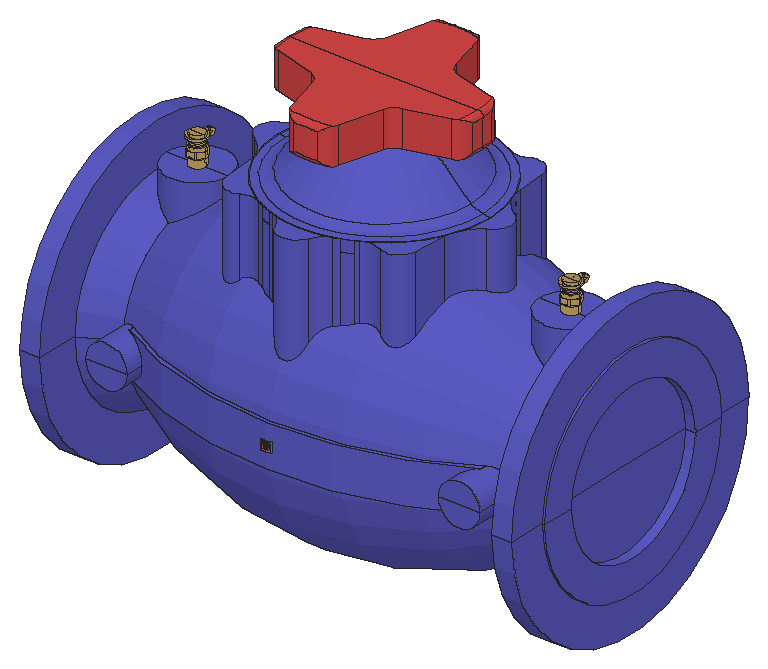
Revit family "Strangregulierventil für Differenzdruckmessung, Geradsitzform 4218 GMF", category Rohrzubehör, Revit 2019 (continued)
Definition of nested family "Messstutzen_Band_Austritt_senkrecht_(oben 25)"
  Forms (mm)
    Extrusion 4, solid, detail levels fine
      sketch origin (12.045, 0, 25.83) x (0, 1, 0) y (0.906308, 0, -0.422618)
        loop
          arc (5.505, -3.906) -> (7.288, -2.358) -> (9.582, -1.8) r 5
          line (9.582, -1.8) -> (9.582, 1.8)
          arc (9.582, 1.8) -> (7.288, 2.358) -> (5.505, 3.906) r 5
          arc (5.505, 3.906) -> (-6.75, 0) -> (5.505, -3.906) r 6.75
      from 0 to -1.5
    Extrusion 5, solid, detail levels fine
      sketch origin (14.022, 0, 30.07) x (0, 1, 0) y (0.906308, 0, -0.422618)
        loop
          circle (0, 0) r 6.1
        loop
          arc (8.652, -4.495) -> (10.493, -2.527) -> (13.089, -1.8) r 5
          line (13.089, -1.8) -> (13.089, 1.8)
          arc (13.089, 1.8) -> (10.493, 2.527) -> (8.652, 4.495) r 5
          arc (8.652, 4.495) -> (-9.75, 0) -> (8.652, -4.495) r 9.75
      from 0 to -1.5
    Sweep 6, solid, detail levels fine
      path origin (0.876, 0.242, 1.118) x (-0.422618, 0, -0.906308) y (0, 1, 0)
        loop
          line (-27.75, 9.582) -> (-27.75, 14.522)
          arc (-27.75, 14.522) -> (-30.089, 16.862) -> (-32.428, 14.522) r 2.339
          line (-32.428, 14.522) -> (-32.428, 13.089)
      profile origin (12.603, 12.294, 26.268) x (0.422618, 0, 0.906308) y (0.906308, 0, -0.422618)
        loop
          line (-0.75, -1.8) -> (0.75, -1.8) -> (0.75, 1.8) -> (-0.75, 1.8) -> (-0.75, -1.8)
  Dimensions and locks
    aligned and locked: level to plane 2
Definition of nested family "Messstutzen_Band_Austritt_senkrecht_(oben 0.8)"
  Parameters (values of type "Messstutzen_Band_Austritt_senkrecht_(oben 0.8)")
    URL = "www.herz-armaturen.at"
    Schutzkappe [instance] = yes
    Nennweite [instance] = 0.00 mm
    Manufacturer = "Herz Armaturen GmbH"  # constant formula
    Gewicht [instance] = 0.00 kg
    Bestellnummer [instance] = 0
  Reference planes
    plane 1 "Mitte (Vorne/hinten)": y = 0
    plane 2: z = 0
    plane 3 "Mitte (Links/rechts)": x = 0
  Forms (mm)
    Revolve 1, solid, detail levels fine
      sketch origin (0, 0, 0) x (0.999903, 0, -0.013962) y (0.013962, 0, 0.999903)
        loop
          line (-7.4, 9) -> (-5.55, 9) -> (-5.55, 6)
          arc (-5.55, 6) -> (-5.626, 5.617) -> (-5.843, 5.293) r 1
          line (-5.843, 5.293) -> (-6.455, 4.681) -> (-6.455, 0.9) -> (-5.555, 0) -> (-2, 0) -> (-2, 17.5) -> (-8.4, 17.5)
          arc (-8.4, 17.5) -> (-7.693, 17.207) -> (-7.4, 16.5) r 1
          line (-7.4, 16.5) -> (-7.4, 9)
        loop
          line (-3.7, 27) -> (-7.3, 27) -> (-7.9, 26.4) -> (-7.9, 23) -> (-2, 23) -> (-2, 35.8) -> (-3.805, 35.8) -> (-4.415, 35.19) -> (-4.415, 30.863) -> (-3.7, 30.45) -> (-3.7, 27)
        axis (0, 0) -> (0, 35.8)
      angle from 0 to 360
    Extrusion 2, solid, detail levels fine
      sketch origin (0.244, 0, 17.498) x (0, 1, 0) y (-0.999903, 0, 0.013962)
        loop
          arc (-7.07, 5.156) -> (-7.578, 4.375) -> (-8, 3.544) r 8.75
          line (-8, 3.544) -> (-8, -3.544)
          arc (-8, -3.544) -> (-7.578, -4.375) -> (-7.07, -5.156) r 8.75
          line (-7.07, -5.156) -> (-0.93, -8.7)
          arc (-0.93, -8.7) -> (0, -8.75) -> (0.93, -8.7) r 8.75
          line (0.93, -8.7) -> (7.07, -5.156)
          arc (7.07, -5.156) -> (7.578, -4.375) -> (8, -3.544) r 8.75
          line (8, -3.544) -> (8, 3.544)
          arc (8, 3.544) -> (7.578, 4.375) -> (7.07, 5.156) r 8.75
          line (7.07, 5.156) -> (0.93, 8.7)
          arc (0.93, 8.7) -> (0, 8.75) -> (-0.93, 8.7) r 8.75
          line (-0.93, 8.7) -> (-7.07, 5.156)
      from 0 to 5.5
    Revolve 3, solid, visible <- "Schutzkappe", detail levels fine
      sketch origin (0, 0, 0) x (0.999903, 0, -0.013962) y (0.013962, 0, 0.999903)
        loop
          line (0, 35.878) -> (0, 36.678) -> (-7, 36.678) -> (-7, 33.378) -> (-6.1, 33.378) -> (-6.1, 31.678) -> (-6.9, 31.678) -> (-6.9, 30.178) -> (-4.415, 30.178) -> (-4.415, 35.268) -> (-3.805, 35.878) -> (0, 35.878)
        axis (0, 30.178) -> (0, 36.678)
      angle from 0 to 360
    Extrusion 4, solid, detail levels fine
      sketch origin (0.398, 0, 28.497) x (0, 1, 0) y (0.999903, 0, -0.013962)
        loop
          circle (0, 0) r 3.7
        loop
          arc (5.505, -3.906) -> (7.288, -2.358) -> (9.582, -1.8) r 5
          line (9.582, -1.8) -> (9.582, 1.8)
          arc (9.582, 1.8) -> (7.288, 2.358) -> (5.505, 3.906) r 5
          arc (5.505, 3.906) -> (-6.75, 0) -> (5.505, -3.906) r 6.75
      from 0 to -1.5
    Extrusion 5, solid, detail levels fine
      sketch origin (0.463, 0, 33.175) x (0, 1, 0) y (0.999903, 0, -0.013962)
        loop
          circle (0, 0) r 6.1
        loop
          arc (8.652, -4.495) -> (10.493, -2.527) -> (13.089, -1.8) r 5
          line (13.089, -1.8) -> (13.089, 1.8)
          arc (13.089, 1.8) -> (10.493, 2.527) -> (8.652, 4.495) r 5
          arc (8.652, 4.495) -> (-9.75, 0) -> (8.652, -4.495) r 9.75
      from 0 to -1.5
    Sweep 6, solid, detail levels fine
      path origin (0.514, 0.493, 1.007) x (-0.013962, 0, -0.999903) y (0, 1, 0)
        loop
          line (-27.75, 9.582) -> (-27.75, 14.522)
          arc (-27.75, 14.522) -> (-30.089, 16.862) -> (-32.428, 14.522) r 2.339
          line (-32.428, 14.522) -> (-32.428, 13.089)
      profile origin (0.901, 12.545, 28.754) x (0.013962, 0, 0.999903) y (0.999903, 0, -0.013962)
        loop
          line (-0.75, -1.8) -> (0.75, -1.8) -> (0.75, 1.8) -> (-0.75, 1.8) -> (-0.75, -1.8)
  Dimensions and locks
    aligned and locked: level to plane 2
Definition of nested family "Messstutzen_Band_Eintritt_senkrecht_(oben 10)"
  Parameters (values of type "Messstutzen_Band_Eintritt_senkrecht_(oben 10)")
    URL = "www.herz-armaturen.at"
    Schutzkappe [instance] = yes
    Nennweite [instance] = 0.00 mm
    Manufacturer = "Herz Armaturen GmbH"  # constant formula
    Gewicht [instance] = 0.00 kg
    Bestellnummer [instance] = 0
  Reference planes
    plane 1 "Mitte (Vorne/hinten)": y = 0
    plane 2: z = 0
    plane 3 "Mitte (Links/rechts)": x = 0
  Forms (mm)
    Revolve 1, solid, detail levels fine
      sketch origin (0, 0, 0) x (0.984808, 0, 0.173648) y (-0.173648, 0, 0.984808)
        loop
          line (-7.4, 9) -> (-5.55, 9) -> (-5.55, 6)
          arc (-5.55, 6) -> (-5.626, 5.617) -> (-5.843, 5.293) r 1
          line (-5.843, 5.293) -> (-6.455, 4.681) -> (-6.455, 0.9) -> (-5.555, 0) -> (-2, 0) -> (-2, 17.5) -> (-8.4, 17.5)
          arc (-8.4, 17.5) -> (-7.693, 17.207) -> (-7.4, 16.5) r 1
          line (-7.4, 16.5) -> (-7.4, 9)
        loop
          line (-3.7, 27) -> (-7.3, 27) -> (-7.9, 26.4) -> (-7.9, 23) -> (-2, 23) -> (-2, 35.8) -> (-3.805, 35.8) -> (-4.415, 35.19) -> (-4.415, 30.863) -> (-3.7, 30.45) -> (-3.7, 27)
        axis (0, 0) -> (0, 35.8)
      angle from 0 to 360
    Extrusion 2, solid, detail levels fine
      sketch origin (-3.039, 0, 17.234) x (0, 1, 0) y (-0.984808, 0, -0.173648)
        loop
          arc (-7.07, 5.156) -> (-7.578, 4.375) -> (-8, 3.544) r 8.75
          line (-8, 3.544) -> (-8, -3.544)
          arc (-8, -3.544) -> (-7.578, -4.375) -> (-7.07, -5.156) r 8.75
          line (-7.07, -5.156) -> (-0.93, -8.7)
          arc (-0.93, -8.7) -> (0, -8.75) -> (0.93, -8.7) r 8.75
          line (0.93, -8.7) -> (7.07, -5.156)
          arc (7.07, -5.156) -> (7.578, -4.375) -> (8, -3.544) r 8.75
          line (8, -3.544) -> (8, 3.544)
          arc (8, 3.544) -> (7.578, 4.375) -> (7.07, 5.156) r 8.75
          line (7.07, 5.156) -> (0.93, 8.7)
          arc (0.93, 8.7) -> (0, 8.75) -> (-0.93, 8.7) r 8.75
          line (-0.93, 8.7) -> (-7.07, 5.156)
      from 0 to 5.5
    Revolve 3, solid, visible <- "Schutzkappe", detail levels fine
      sketch origin (0, 0, 0) x (0.984808, 0, 0.173648) y (-0.173648, 0, 0.984808)
        loop
          line (0, 35.878) -> (0, 36.678) -> (-7, 36.678) -> (-7, 33.378) -> (-6.1, 33.378) -> (-6.1, 31.678) -> (-6.9, 31.678) -> (-6.9, 30.178) -> (-4.415, 30.178) -> (-4.415, 35.268) -> (-3.805, 35.878) -> (0, 35.878)
        axis (0, 30.178) -> (0, 36.678)
      angle from 0 to 360
    Extrusion 4, solid, detail levels fine
      sketch origin (-4.949, 0, 28.067) x (0, 1, 0) y (0.984808, 0, 0.173648)
        loop
          circle (0, 0) r 3.7
        loop
          arc (5.505, -3.906) -> (7.288, -2.358) -> (9.582, -1.8) r 5
          line (9.582, -1.8) -> (9.582, 1.8)
          arc (9.582, 1.8) -> (7.288, 2.358) -> (5.505, 3.906) r 5
          arc (5.505, 3.906) -> (-6.75, 0) -> (5.505, -3.906) r 6.75
      from 0 to -1.5
    Extrusion 5, solid, detail levels fine
      sketch origin (-5.761, 0, 32.674) x (0, 1, 0) y (0.984808, 0, 0.173648)
        loop
          circle (0, 0) r 6.1
        loop
          arc (8.652, -4.495) -> (10.493, -2.527) -> (13.089, -1.8) r 5
          line (13.089, -1.8) -> (13.089, 1.8)
          arc (13.089, 1.8) -> (10.493, 2.527) -> (8.652, 4.495) r 5
          arc (8.652, 4.495) -> (-9.75, 0) -> (8.652, -4.495) r 9.75
      from 0 to -1.5
    Sweep 6, solid, detail levels fine
      path origin (0.6, 0.141, 0.838) x (0.173648, 0, -0.984808) y (0, 1, 0)
        loop
          line (-27.75, 9.582) -> (-27.75, 14.522)
          arc (-27.75, 14.522) -> (-30.089, 16.862) -> (-32.428, 14.522) r 2.339
          line (-32.428, 14.522) -> (-32.428, 13.089)
      profile origin (-4.219, 12.193, 28.166) x (-0.173648, 0, 0.984808) y (0.984808, 0, 0.173648)
        loop
          line (-0.75, -1.8) -> (0.75, -1.8) -> (0.75, 1.8) -> (-0.75, 1.8) -> (-0.75, -1.8)
  Dimensions and locks
    aligned and locked: level to plane 2
Definition of nested family "Messstutzen_Band_Eintritt_senkrecht_(oben 15)"
  Parameters (values of type "Messstutzen_Band_Eintritt_senkrecht_(oben 15)")
    URL = "www.herz-armaturen.at"
    Schutzkappe [instance] = yes
    Nennweite [instance] = 0.00 mm
    Manufacturer = "Herz Armaturen GmbH"  # constant formula
    Gewicht [instance] = 0.00 kg
    Bestellnummer [instance] = 0
  Reference planes
    plane 1 "Mitte (Vorne/hinten)": y = 0
    plane 2: z = 0
    plane 3 "Mitte (Links/rechts)": x = 0
  Forms (mm)
    Revolve 1, solid, detail levels fine
      sketch origin (0, 0, 0) x (0.965926, 0, 0.258819) y (-0.258819, 0, 0.965926)
        loop
          line (-7.4, 9) -> (-5.55, 9) -> (-5.55, 6)
          arc (-5.55, 6) -> (-5.626, 5.617) -> (-5.843, 5.293) r 1
          line (-5.843, 5.293) -> (-6.455, 4.681) -> (-6.455, 0.9) -> (-5.555, 0) -> (-2, 0) -> (-2, 17.5) -> (-8.4, 17.5)
          arc (-8.4, 17.5) -> (-7.693, 17.207) -> (-7.4, 16.5) r 1
          line (-7.4, 16.5) -> (-7.4, 9)
        loop
          line (-3.7, 27) -> (-7.3, 27) -> (-7.9, 26.4) -> (-7.9, 23) -> (-2, 23) -> (-2, 35.8) -> (-3.805, 35.8) -> (-4.415, 35.19) -> (-4.415, 30.863) -> (-3.7, 30.45) -> (-3.7, 27)
        axis (0, 0) -> (0, 35.8)
      angle from 0 to 360
    Extrusion 2, solid, detail levels fine
      sketch origin (-4.529, 0, 16.904) x (0, 1, 0) y (-0.965926, 0, -0.258819)
        loop
          arc (-7.07, 5.156) -> (-7.578, 4.375) -> (-8, 3.544) r 8.75
          line (-8, 3.544) -> (-8, -3.544)
          arc (-8, -3.544) -> (-7.578, -4.375) -> (-7.07, -5.156) r 8.75
          line (-7.07, -5.156) -> (-0.93, -8.7)
          arc (-0.93, -8.7) -> (0, -8.75) -> (0.93, -8.7) r 8.75
          line (0.93, -8.7) -> (7.07, -5.156)
          arc (7.07, -5.156) -> (7.578, -4.375) -> (8, -3.544) r 8.75
          line (8, -3.544) -> (8, 3.544)
          arc (8, 3.544) -> (7.578, 4.375) -> (7.07, 5.156) r 8.75
          line (7.07, 5.156) -> (0.93, 8.7)
          arc (0.93, 8.7) -> (0, 8.75) -> (-0.93, 8.7) r 8.75
          line (-0.93, 8.7) -> (-7.07, 5.156)
      from 0 to 5.5
    Revolve 3, solid, visible <- "Schutzkappe", detail levels fine
      sketch origin (0, 0, 0) x (0.965926, 0, 0.258819) y (-0.258819, 0, 0.965926)
        loop
          line (0, 35.878) -> (0, 36.678) -> (-7, 36.678) -> (-7, 33.378) -> (-6.1, 33.378) -> (-6.1, 31.678) -> (-6.9, 31.678) -> (-6.9, 30.178) -> (-4.415, 30.178) -> (-4.415, 35.268) -> (-3.805, 35.878) -> (0, 35.878)
        axis (0, 30.178) -> (0, 36.678)
      angle from 0 to 360
    Extrusion 4, solid, detail levels fine
      sketch origin (-7.376, 0, 27.529) x (0, 1, 0) y (0.965926, 0, 0.258819)
        loop
          circle (0, 0) r 3.7
        loop
          arc (5.505, -3.906) -> (7.288, -2.358) -> (9.582, -1.8) r 5
          line (9.582, -1.8) -> (9.582, 1.8)
          arc (9.582, 1.8) -> (7.288, 2.358) -> (5.505, 3.906) r 5
          arc (5.505, 3.906) -> (-6.75, 0) -> (5.505, -3.906) r 6.75
      from 0 to -1.5
    Extrusion 5, solid, detail levels fine
      sketch origin (-8.587, 0, 32.048) x (0, 1, 0) y (0.965926, 0, 0.258819)
        loop
          circle (0, 0) r 6.1
        loop
          arc (8.652, -4.495) -> (10.493, -2.527) -> (13.089, -1.8) r 5
          line (13.089, -1.8) -> (13.089, 1.8)
          arc (13.089, 1.8) -> (10.493, 2.527) -> (8.652, 4.495) r 5
          arc (8.652, 4.495) -> (-9.75, 0) -> (8.652, -4.495) r 9.75
      from 0 to -1.5
    Sweep 6, solid, detail levels fine
      path origin (0.468, 0.277, 0.942) x (0.258819, 0, -0.965926) y (0, 1, 0)
        loop
          line (-27.75, 9.582) -> (-27.75, 14.522)
          arc (-27.75, 14.522) -> (-30.089, 16.862) -> (-32.428, 14.522) r 2.339
          line (-32.428, 14.522) -> (-32.428, 13.089)
      profile origin (-6.714, 12.329, 27.747) x (-0.258819, 0, 0.965926) y (0.965926, 0, 0.258819)
        loop
          line (-0.75, -1.8) -> (0.75, -1.8) -> (0.75, 1.8) -> (-0.75, 1.8) -> (-0.75, -1.8)
  Dimensions and locks
    aligned and locked: level to plane 2
Definition of nested family "Messstutzen_Band_Eintritt_senkrecht_(oben 25)"
  Parameters (values of type "Messstutzen_Band_Eintritt_senkrecht_(oben 25)")
    URL = "www.herz-armaturen.at"
    Schutzkappe [instance] = yes
    Nennweite [instance] = 0.00 mm
    Manufacturer = "Herz Armaturen GmbH"  # constant formula
    Gewicht [instance] = 0.00 kg
    Bestellnummer [instance] = 0
  Reference planes
    plane 1 "Mitte (Vorne/hinten)": y = 0
    plane 2: z = 0
    plane 3 "Mitte (Links/rechts)": x = 0
  Forms (mm)
    Revolve 1, solid, detail levels fine
      sketch origin (0, 0, 0) x (0.906308, 0, 0.422618) y (-0.422618, 0, 0.906308)
        loop
          line (-7.4, 9) -> (-5.55, 9) -> (-5.55, 6)
          arc (-5.55, 6) -> (-5.626, 5.617) -> (-5.843, 5.293) r 1
          line (-5.843, 5.293) -> (-6.455, 4.681) -> (-6.455, 0.9) -> (-5.555, 0) -> (-2, 0) -> (-2, 17.5) -> (-8.4, 17.5)
          arc (-8.4, 17.5) -> (-7.693, 17.207) -> (-7.4, 16.5) r 1
          line (-7.4, 16.5) -> (-7.4, 9)
        loop
          line (-3.7, 27) -> (-7.3, 27) -> (-7.9, 26.4) -> (-7.9, 23) -> (-2, 23) -> (-2, 35.8) -> (-3.805, 35.8) -> (-4.415, 35.19) -> (-4.415, 30.863) -> (-3.7, 30.45) -> (-3.7, 27)
        axis (0, 0) -> (0, 35.8)
      angle from 0 to 360
    Extrusion 2, solid, detail levels fine
      sketch origin (-7.396, 0, 15.86) x (0, 1, 0) y (-0.906308, 0, -0.422618)
        loop
          arc (-7.07, 5.156) -> (-7.578, 4.375) -> (-8, 3.544) r 8.75
          line (-8, 3.544) -> (-8, -3.544)
          arc (-8, -3.544) -> (-7.578, -4.375) -> (-7.07, -5.156) r 8.75
          line (-7.07, -5.156) -> (-0.93, -8.7)
          arc (-0.93, -8.7) -> (0, -8.75) -> (0.93, -8.7) r 8.75
          line (0.93, -8.7) -> (7.07, -5.156)
          arc (7.07, -5.156) -> (7.578, -4.375) -> (8, -3.544) r 8.75
          line (8, -3.544) -> (8, 3.544)
          arc (8, 3.544) -> (7.578, 4.375) -> (7.07, 5.156) r 8.75
          line (7.07, 5.156) -> (0.93, 8.7)
          arc (0.93, 8.7) -> (0, 8.75) -> (-0.93, 8.7) r 8.75
          line (-0.93, 8.7) -> (-7.07, 5.156)
      from 0 to 5.5
    Revolve 3, solid, visible <- "Schutzkappe", detail levels fine
      sketch origin (0, 0, 0) x (0.906308, 0, 0.422618) y (-0.422618, 0, 0.906308)
        loop
          line (0, 35.878) -> (0, 36.678) -> (-7, 36.678) -> (-7, 33.378) -> (-6.1, 33.378) -> (-6.1, 31.678) -> (-6.9, 31.678) -> (-6.9, 30.178) -> (-4.415, 30.178) -> (-4.415, 35.268) -> (-3.805, 35.878) -> (0, 35.878)
        axis (0, 30.178) -> (0, 36.678)
      angle from 0 to 360
    Extrusion 4, solid, detail levels fine
      sketch origin (-12.045, 0, 25.83) x (0, 1, 0) y (0.906308, 0, 0.422618)
        loop
          circle (0, 0) r 3.7
        loop
          arc (5.505, -3.906) -> (7.288, -2.358) -> (9.582, -1.8) r 5
          line (9.582, -1.8) -> (9.582, 1.8)
          arc (9.582, 1.8) -> (7.288, 2.358) -> (5.505, 3.906) r 5
          arc (5.505, 3.906) -> (-6.75, 0) -> (5.505, -3.906) r 6.75
      from 0 to -1.5
    Extrusion 5, solid, detail levels fine
      sketch origin (-14.022, 0, 30.07) x (0, 1, 0) y (0.906308, 0, 0.422618)
        loop
          circle (0, 0) r 6.1
        loop
          arc (8.652, -4.495) -> (10.493, -2.527) -> (13.089, -1.8) r 5
          line (13.089, -1.8) -> (13.089, 1.8)
          arc (13.089, 1.8) -> (10.493, 2.527) -> (8.652, 4.495) r 5
          arc (8.652, 4.495) -> (-9.75, 0) -> (8.652, -4.495) r 9.75
      from 0 to -1.5
    Sweep 6, solid, detail levels fine
      path origin (-0.876, 0.242, 1.118) x (0.422618, 0, -0.906308) y (0, 1, 0)
        loop
          line (-27.75, 9.582) -> (-27.75, 14.522)
          arc (-27.75, 14.522) -> (-30.089, 16.862) -> (-32.428, 14.522) r 2.339
          line (-32.428, 14.522) -> (-32.428, 13.089)
      profile origin (-12.603, 12.294, 26.268) x (-0.422618, 0, 0.906308) y (0.906308, 0, 0.422618)
        loop
          line (-0.75, -1.8) -> (0.75, -1.8) -> (0.75, 1.8) -> (-0.75, 1.8) -> (-0.75, -1.8)
  Dimensions and locks
    aligned and locked: level to plane 2
Definition of nested family "Messstutzen_Band_Eintritt_senkrecht_(oben 0.8)"
  Parameters (values of type "Messstutzen_Band_Eintritt_senkrecht_(oben 0.8)")
    URL = "www.herz-armaturen.at"
    Schutzkappe [instance] = yes
    Nennweite [instance] = 0.00 mm
    Manufacturer = "Herz Armaturen GmbH"  # constant formula
    Gewicht [instance] = 0.00 kg
    Bestellnummer [instance] = 0
  Reference planes
    plane 1 "Mitte (Vorne/hinten)": y = 0
    plane 2: z = 0
    plane 3 "Mitte (Links/rechts)": x = 0
  Forms (mm)
    Revolve 1, solid, detail levels fine
      sketch origin (0, 0, 0) x (0.999903, 0, 0.013962) y (-0.013962, 0, 0.999903)
        loop
          line (-7.4, 9) -> (-5.55, 9) -> (-5.55, 6)
          arc (-5.55, 6) -> (-5.626, 5.617) -> (-5.843, 5.293) r 1
          line (-5.843, 5.293) -> (-6.455, 4.681) -> (-6.455, 0.9) -> (-5.555, 0) -> (-2, 0) -> (-2, 17.5) -> (-8.4, 17.5)
          arc (-8.4, 17.5) -> (-7.693, 17.207) -> (-7.4, 16.5) r 1
          line (-7.4, 16.5) -> (-7.4, 9)
        loop
          line (-3.7, 27) -> (-7.3, 27) -> (-7.9, 26.4) -> (-7.9, 23) -> (-2, 23) -> (-2, 35.8) -> (-3.805, 35.8) -> (-4.415, 35.19) -> (-4.415, 30.863) -> (-3.7, 30.45) -> (-3.7, 27)
        axis (0, 0) -> (0, 35.8)
      angle from 0 to 360
    Extrusion 2, solid, detail levels fine
      sketch origin (-0.244, 0, 17.498) x (0, 1, 0) y (-0.999903, 0, -0.013962)
        loop
          arc (-7.07, 5.156) -> (-7.578, 4.375) -> (-8, 3.544) r 8.75
          line (-8, 3.544) -> (-8, -3.544)
          arc (-8, -3.544) -> (-7.578, -4.375) -> (-7.07, -5.156) r 8.75
          line (-7.07, -5.156) -> (-0.93, -8.7)
          arc (-0.93, -8.7) -> (0, -8.75) -> (0.93, -8.7) r 8.75
          line (0.93, -8.7) -> (7.07, -5.156)
          arc (7.07, -5.156) -> (7.578, -4.375) -> (8, -3.544) r 8.75
          line (8, -3.544) -> (8, 3.544)
          arc (8, 3.544) -> (7.578, 4.375) -> (7.07, 5.156) r 8.75
          line (7.07, 5.156) -> (0.93, 8.7)
          arc (0.93, 8.7) -> (0, 8.75) -> (-0.93, 8.7) r 8.75
          line (-0.93, 8.7) -> (-7.07, 5.156)
      from 0 to 5.5
    Revolve 3, solid, visible <- "Schutzkappe", detail levels fine
      sketch origin (0, 0, 0) x (0.999903, 0, 0.013962) y (-0.013962, 0, 0.999903)
        loop
          line (0, 35.878) -> (0, 36.678) -> (-7, 36.678) -> (-7, 33.378) -> (-6.1, 33.378) -> (-6.1, 31.678) -> (-6.9, 31.678) -> (-6.9, 30.178) -> (-4.415, 30.178) -> (-4.415, 35.268) -> (-3.805, 35.878) -> (0, 35.878)
        axis (0, 30.178) -> (0, 36.678)
      angle from 0 to 360
    Extrusion 4, solid, detail levels fine
      sketch origin (-0.398, 0, 28.497) x (0, 1, 0) y (0.999903, 0, 0.013962)
        loop
          circle (0, 0) r 3.7
        loop
          arc (5.505, -3.906) -> (7.288, -2.358) -> (9.582, -1.8) r 5
          line (9.582, -1.8) -> (9.582, 1.8)
          arc (9.582, 1.8) -> (7.288, 2.358) -> (5.505, 3.906) r 5
          arc (5.505, 3.906) -> (-6.75, 0) -> (5.505, -3.906) r 6.75
      from 0 to -1.5
    Extrusion 5, solid, detail levels fine
      sketch origin (-0.463, 0, 33.175) x (0, 1, 0) y (0.999903, 0, 0.013962)
        loop
          circle (0, 0) r 6.1
        loop
          arc (8.652, -4.495) -> (10.493, -2.527) -> (13.089, -1.8) r 5
          line (13.089, -1.8) -> (13.089, 1.8)
          arc (13.089, 1.8) -> (10.493, 2.527) -> (8.652, 4.495) r 5
          arc (8.652, 4.495) -> (-9.75, 0) -> (8.652, -4.495) r 9.75
      from 0 to -1.5
    Sweep 6, solid, detail levels fine
      path origin (0.447, 0.318, 1.252) x (0.013962, 0, -0.999903) y (0, 1, 0)
        loop
          line (-27.75, 9.582) -> (-27.75, 14.522)
          arc (-27.75, 14.522) -> (-30.089, 16.862) -> (-32.428, 14.522) r 2.339
          line (-32.428, 14.522) -> (-32.428, 13.089)
      profile origin (0.059, 12.37, 29) x (-0.013962, 0, 0.999903) y (0.999903, 0, 0.013962)
        loop
          line (-0.75, -1.8) -> (0.75, -1.8) -> (0.75, 1.8) -> (-0.75, 1.8) -> (-0.75, -1.8)
  Dimensions and locks
    aligned and locked: level to plane 2
Definition of nested family "Strangregulierventil-Handrad-Gerade (Rot) DN15-DN40"
  Parameters (values of type "Strangregulierventil-Handrad-Gerade (Rot) DN15-DN40")
    URL = "www.herz-armaturen.at"
    Nennweite [instance] = 0.00 mm
    Manufacturer = "Herz Armaturen GmbH"  # constant formula
    Gewicht [instance] = 0.00 kg
    Bestellnummer [instance] = 0
  Reference planes
    plane 1 "Mitte (Vorne/hinten)": y = 0
    plane 2: z = 0
    plane 3 "Mitte (Links/rechts)": x = 0
  Forms (mm)
    Revolve 1, solid, detail levels fine
      sketch origin (0, 0, 0) x (1, 0, 0) y (0, 0, 1)
        loop
          line (0, 0) -> (0, 24.95) -> (-30.992, 24.95)
          arc (-30.992, 24.95) -> (-34.37, 23.636) -> (-35.973, 20.386) r 5
          line (-35.973, 20.386) -> (-37, 8.65) -> (-35.986, -2.936)
          arc (-35.986, -2.936) -> (-34.383, -6.186) -> (-31.005, -7.5) r 5
          line (-31.005, -7.5) -> (-15, -7.5) -> (-15, 0) -> (0, 0)
        axis (0, 24.95) -> (0, -7.5)
      angle from 0 to 360
    Extrusion 2, void
      sketch origin (0, 0, 20.3) x (1, 0, 0) y (0, 1, 0)
        loop
          line (3.861, 35.5) -> (-3.861, 35.5)
          arc (-3.861, 35.5) -> (-8.731, 33.847) -> (-11.589, 29.571) r 8
          line (-11.589, 29.571) -> (-13.284, 23.245)
          arc (-13.284, 23.245) -> (-13.982, 21.722) -> (-15.144, 20.516) r 5
          arc (-15.144, 20.516) -> (-18.031, 18.031) -> (-20.516, 15.144) r 25.5
          arc (-20.516, 15.144) -> (-21.722, 13.982) -> (-23.245, 13.284) r 5
          line (-23.245, 13.284) -> (-29.571, 11.589)
          arc (-29.571, 11.589) -> (-33.847, 8.731) -> (-35.5, 3.861) r 8
          line (-35.5, 3.861) -> (-35.5, -3.861)
          arc (-35.5, -3.861) -> (-33.847, -8.731) -> (-29.571, -11.589) r 8
          line (-29.571, -11.589) -> (-23.245, -13.284)
          arc (-23.245, -13.284) -> (-21.722, -13.982) -> (-20.516, -15.144) r 5
          arc (-20.516, -15.144) -> (-18.031, -18.031) -> (-15.144, -20.516) r 25.5
          arc (-15.144, -20.516) -> (-13.982, -21.722) -> (-13.284, -23.245) r 5
          line (-13.284, -23.245) -> (-11.589, -29.571)
          arc (-11.589, -29.571) -> (-8.731, -33.847) -> (-3.861, -35.5) r 8
          line (-3.861, -35.5) -> (3.861, -35.5)
          arc (3.861, -35.5) -> (8.731, -33.847) -> (11.589, -29.571) r 8
          line (11.589, -29.571) -> (13.284, -23.245)
          arc (13.284, -23.245) -> (13.982, -21.722) -> (15.144, -20.516) r 5
          arc (15.144, -20.516) -> (18.031, -18.031) -> (20.516, -15.144) r 25.5
          arc (20.516, -15.144) -> (21.722, -13.982) -> (23.245, -13.284) r 5
          line (23.245, -13.284) -> (29.571, -11.589)
          arc (29.571, -11.589) -> (33.847, -8.731) -> (35.5, -3.861) r 8
          line (35.5, -3.861) -> (35.5, 3.861)
          arc (35.5, 3.861) -> (33.847, 8.731) -> (29.571, 11.589) r 8
          line (29.571, 11.589) -> (23.245, 13.284)
          arc (23.245, 13.284) -> (21.722, 13.982) -> (20.516, 15.144) r 5
          arc (20.516, 15.144) -> (18.031, 18.031) -> (15.144, 20.516) r 25.5
          arc (15.144, 20.516) -> (13.982, 21.722) -> (13.284, 23.245) r 5
          line (13.284, 23.245) -> (11.589, 29.571)
          arc (11.589, 29.571) -> (8.731, 33.847) -> (3.861, 35.5) r 8
        loop
          circle (0, 0) r 38
      from -31.266 to 7.923
  Cuts and joins
    Extrusion 2 cuts Revolve 1
  Dimensions and locks
    Revolve 1 sketch curve to Revolve 1 sketch curve = 15.00 mm
    Revolve 1 sketch curve to Revolve 1 sketch curve = 16.15 mm
    Revolve 1 sketch curve to Revolve 1 sketch curve = 16.30 mm
    angle Revolve 1 sketch curve to Revolve 1 sketch curve = 95.00°
    aligned and locked: level to plane 2
Definition of nested family "Strangregulierventil-Handrad-Gerade (Rot) DN50-DN80"
  Parameters (values of type "Strangregulierventil-Handrad-Gerade (Rot) DN50-DN80")
    URL = "www.herz-armaturen.at"
    Nennweite [instance] = 0.00 mm
    Manufacturer = "Herz Armaturen GmbH"  # constant formula
    Gewicht [instance] = 0.00 kg
    Bestellnummer [instance] = 0
  Reference planes
    plane 1 "Mitte (Vorne/hinten)": y = 0
    plane 2: z = 0
    plane 3 "Mitte (Links/rechts)": x = 0
  Forms (mm)
    Revolve 1, solid, detail levels fine
      sketch origin (0, 0, 0) x (1, 0, 0) y (0, 0, 1)
        loop
          line (0, 0) -> (0, 24.95) -> (-50.992, 24.95)
          arc (-50.992, 24.95) -> (-54.37, 23.636) -> (-55.973, 20.386) r 5
          line (-55.973, 20.386) -> (-57, 8.65) -> (-55.986, -2.936)
          arc (-55.986, -2.936) -> (-54.383, -6.186) -> (-51.005, -7.5) r 5
          line (-51.005, -7.5) -> (-15, -7.5) -> (-15, 0) -> (0, 0)
        axis (0, 24.95) -> (0, -7.5)
      angle from 0 to 360
    Extrusion 2, void
      sketch origin (0, 0, 20.3) x (1, 0, 0) y (0, 1, 0)
        loop
          line (-55, 6.292) -> (-55, -6.292)
          arc (-55, -6.292) -> (-52.52, -13.597) -> (-46.106, -17.883) r 12
          line (-46.106, -17.883) -> (-35.399, -20.752)
          arc (-35.399, -20.752) -> (-33.541, -21.612) -> (-32.08, -23.047) r 6
          arc (-32.08, -23.047) -> (-27.931, -27.931) -> (-23.047, -32.08) r 39.5
          arc (-23.047, -32.08) -> (-21.612, -33.541) -> (-20.752, -35.399) r 6
          line (-20.752, -35.399) -> (-17.883, -46.106)
          arc (-17.883, -46.106) -> (-13.597, -52.52) -> (-6.292, -55) r 12
          line (-6.292, -55) -> (6.292, -55)
          arc (6.292, -55) -> (13.597, -52.52) -> (17.883, -46.106) r 12
          line (17.883, -46.106) -> (20.752, -35.399)
          arc (20.752, -35.399) -> (21.612, -33.541) -> (23.047, -32.08) r 6
          arc (23.047, -32.08) -> (27.931, -27.931) -> (32.08, -23.047) r 39.5
          arc (32.08, -23.047) -> (33.541, -21.612) -> (35.399, -20.752) r 6
          line (35.399, -20.752) -> (46.106, -17.883)
          arc (46.106, -17.883) -> (52.52, -13.597) -> (55, -6.292) r 12
          line (55, -6.292) -> (55, 6.292)
          arc (55, 6.292) -> (52.52, 13.597) -> (46.106, 17.883) r 12
          line (46.106, 17.883) -> (35.399, 20.752)
          arc (35.399, 20.752) -> (33.541, 21.612) -> (32.08, 23.047) r 6
          arc (32.08, 23.047) -> (27.931, 27.931) -> (23.047, 32.08) r 39.5
          arc (23.047, 32.08) -> (21.612, 33.541) -> (20.752, 35.399) r 6
          line (20.752, 35.399) -> (17.883, 46.106)
          arc (17.883, 46.106) -> (13.597, 52.52) -> (6.292, 55) r 12
          line (6.292, 55) -> (-6.292, 55)
          arc (-6.292, 55) -> (-13.597, 52.52) -> (-17.883, 46.106) r 12
          line (-17.883, 46.106) -> (-20.752, 35.399)
          arc (-20.752, 35.399) -> (-21.612, 33.541) -> (-23.047, 32.08) r 6
          arc (-23.047, 32.08) -> (-27.931, 27.931) -> (-32.08, 23.047) r 39.5
          arc (-32.08, 23.047) -> (-33.541, 21.612) -> (-35.399, 20.752) r 6
          line (-35.399, 20.752) -> (-46.106, 17.883)
          arc (-46.106, 17.883) -> (-52.52, 13.597) -> (-55, 6.292) r 12
        loop
          circle (0, 0) r 60
      from -31.161 to 7.489
  Cuts and joins
    Extrusion 2 cuts Revolve 1
  Dimensions and locks
    Revolve 1 sketch curve to Revolve 1 sketch curve = 15.00 mm
    Revolve 1 sketch curve to Revolve 1 sketch curve = 16.15 mm
    Revolve 1 sketch curve to Revolve 1 sketch curve = 16.30 mm
    Revolve 1 sketch curve to Revolve 1 sketch curve = 57.00 mm
    angle Revolve 1 sketch curve to Revolve 1 sketch curve = 95.00°
    aligned and locked: level to plane 2
Definition of nested family "Strangregulierventil-Handrad-Gerade (Rot) DN100-DN150"
  Parameters (values of type "Strangregulierventil-Handrad-Gerade (Rot) DN100-DN150")
    URL = "www.herz-armaturen.at"
    Nennweite [instance] = 0.00 mm
    Manufacturer = "Herz Armaturen GmbH"  # constant formula
    Gewicht [instance] = 0.00 kg
    Bestellnummer [instance] = 0
  Reference planes
    plane 1 "Mitte (Vorne/hinten)": y = 0
    plane 2: z = 0
    plane 3 "Mitte (Links/rechts)": x = 0
  Forms (mm)
    Revolve 1, solid, detail levels fine
      sketch origin (0, 0, 0) x (1, 0, 0) y (0, 0, 1)
        loop
          line (0, 0) -> (0, 20.8) -> (-90.019, 20.8)
          arc (-90.019, 20.8) -> (-93.397, 19.486) -> (-95, 16.236) r 5
          line (-95, 16.236) -> (-95, -9.166)
          arc (-95, -9.166) -> (-93.362, -12.33) -> (-90.032, -13.6) r 5
          line (-90.032, -13.6) -> (-20, -13.6) -> (-20, 0) -> (0, 0)
        axis (0, 20.8) -> (0, -13.6)
      angle from 0 to 360
    Extrusion 2, void
      sketch origin (0, 0, 20.3) x (1, 0, 0) y (0, 1, 0)
        loop
          circle (0, 0) r 110
        loop
          arc (-8.5, 94.619) -> (-17.649, 91.506) -> (-23, 83.46) r 15
          line (-23, 83.46) -> (-33.535, 44.142)
          arc (-33.535, 44.142) -> (-37.417, 37.417) -> (-44.142, 33.535) r 15
          line (-44.142, 33.535) -> (-83.46, 23)
          arc (-83.46, 23) -> (-91.506, 17.649) -> (-94.619, 8.5) r 15
          arc (-94.619, 8.5) -> (-95, 0) -> (-94.619, -8.5) r 95
          arc (-94.619, -8.5) -> (-91.506, -17.649) -> (-83.46, -23) r 15
          line (-83.46, -23) -> (-44.142, -33.535)
          arc (-44.142, -33.535) -> (-37.417, -37.417) -> (-33.535, -44.142) r 15
          line (-33.535, -44.142) -> (-23, -83.46)
          arc (-23, -83.46) -> (-17.649, -91.506) -> (-8.5, -94.619) r 15
          arc (-8.5, -94.619) -> (0, -95) -> (8.5, -94.619) r 95
          arc (8.5, -94.619) -> (17.649, -91.506) -> (23, -83.46) r 15
          line (23, -83.46) -> (33.535, -44.142)
          arc (33.535, -44.142) -> (37.417, -37.417) -> (44.142, -33.535) r 15
          line (44.142, -33.535) -> (83.46, -23)
          arc (83.46, -23) -> (91.506, -17.649) -> (94.619, -8.5) r 15
          arc (94.619, -8.5) -> (95, 0) -> (94.619, 8.5) r 95
          arc (94.619, 8.5) -> (91.506, 17.649) -> (83.46, 23) r 15
          line (83.46, 23) -> (44.142, 33.535)
          arc (44.142, 33.535) -> (37.417, 37.417) -> (33.535, 44.142) r 15
          line (33.535, 44.142) -> (23, 83.46)
          arc (23, 83.46) -> (17.649, 91.506) -> (8.5, 94.619) r 15
          arc (8.5, 94.619) -> (0, 95) -> (-8.5, 94.619) r 95
      from -51.286 to 22
  Cuts and joins
    Extrusion 2 cuts Revolve 1
  Dimensions and locks
    Revolve 1 sketch curve to Revolve 1 sketch curve = 20.00 mm
    Revolve 1 sketch curve to Revolve 1 sketch curve = 95.00 mm
    Revolve 1 sketch curve to Revolve 1 sketch curve = 34.40 mm
    plane 2 to Revolve 1 sketch curve = 13.60 mm
    aligned and locked: level to plane 2
